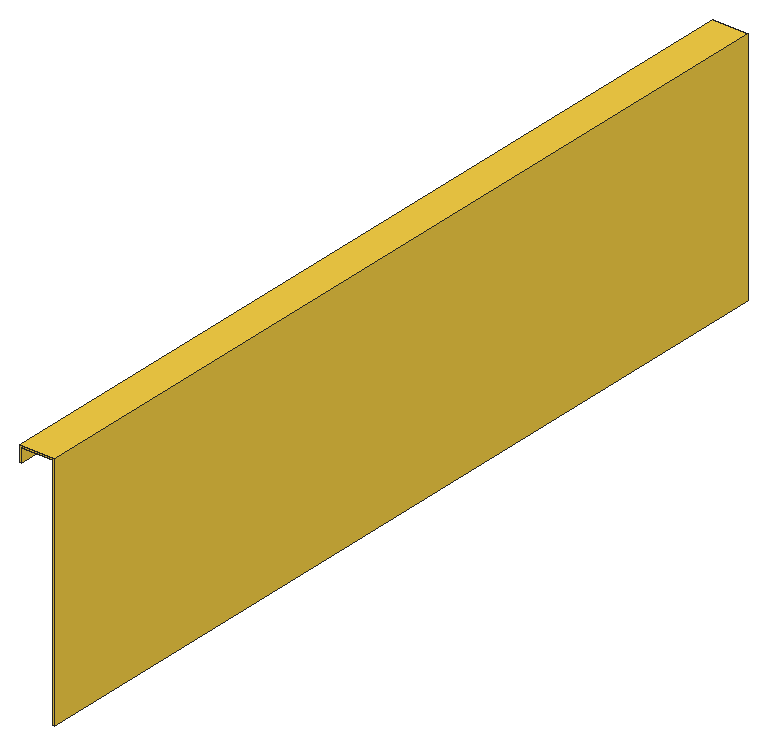
Revit family "EHL_FILLER STOPEND 0,3_1860709", category Generic Models, Revit 2018
Family settings
  Can host rebar = No
  Round Connector Dimension = Use Diameter
  Part Type = Normal
  OmniClass Number = 35.51.14.00
  OmniClass Title = FORMWORK
  Work Plane-Based = Yes
  Always vertical = No
  Cut with Voids When Loaded = No
  Shared = Yes
  Room Calculation Point = No
Parameters (values of type "EHL_FILLER STOPEND 0,3_1860709")
  VERSION = "20190101"  # constant formula
  URL = "www.ulmaconstruction.com/en"
  UNICLASS = ""
  Manufacturer = "ULMA CONSTRUCTION"  # constant formula
  ITEM_CODE = "1860709"
  FILTER [instance] = ""
  Default Elevation = 0.000 mm
  CLASSIFICATION_TITLE = ""
  CLASSIFICATION_NUMBER = ""
Reference planes
  plane 1 "Centro (Frontal/Posterior)": y = 0
  plane 2: z = 0
  plane 3 "Centro (Izquierda/Derecha)": x = 0
  plane 4 "STOPEND LENGTH": y = -1100
  plane 5 "STOPEND HEIGHT": z = 300
Forms (mm)
  Extrusion 1, solid, material "ULMA YELLOW"
    sketch origin (0, 0, 0) x (1, 0, 0) y (0, 0, 1)
      loop
        line (-39, 284) -> (-39, 301) -> (0, 301) -> (0, 0) -> (3, 0) -> (3, 304) -> (-42, 304) -> (-42, 284) -> (-39, 284)
    from 0 to 1100
  Extrusion 2, solid, material "ULMA YELLOW", detail levels fine
    sketch origin (2.5, 0, 0) x (1, 0, 0) y (0, 1, 0)
      loop
        line (-4, -532.5) -> (-4, -542.5) -> (-37.502, -542.5) -> (-37.502, -557.5) -> (-4, -557.5) -> (-4, -567.5) -> (-2.5, -567.5) -> (-2.5, -532.5) -> (-4, -532.5)
    from 5 to 296
  Extrusion 3, solid, material "ULMA ZINC", detail levels fine
    sketch origin (2.5, 1453.5, 0) x (1, 0, 0) y (0, 1, 0)
      loop
        line (-13.5, -1968.457) -> (-22, -1963.55) -> (-30.5, -1968.457) -> (-30.5, -1977.543) -> (-22, -1982.45) -> (-13.5, -1977.543) -> (-13.5, -1968.457)
    from 189.004 to 196.004
  Extrusion 4, solid, material "ULMA ZINC", detail levels fine
    sketch origin (2.5, 1453.5, 56) x (1, 0, 0) y (0, 1, 0)
      loop
        line (-13.5, -1968.457) -> (-22, -1963.55) -> (-30.5, -1968.457) -> (-30.5, -1977.543) -> (-22, -1982.45) -> (-13.5, -1977.543) -> (-13.5, -1968.457)
    from 189.004 to 196.004
  Extrusion 5, solid, material "ULMA YELLOW", detail levels fine
    sketch origin (2.5, 1453.5, 0) x (1, 0, 0) y (0, 0, 1)
      loop
        line (-324, 5.992) -> (-324, 0) -> (-259, 0) -> (-259, 5.992) -> (-324, 5.992)
    from 1958 to 1988
  Extrusion 6, solid, material "ULMA YELLOW", detail levels fine
    sketch origin (2.5, 1453.5, 0) x (1, 0, 0) y (0, 0, 1)
      loop
        line (-62, 238.347) -> (-294.355, 5.992) -> (-259.008, 5.992) -> (-62, 203) -> (-62, 238.347)
    from 1960.5 to 1985.5
  Extrusion 7, solid, material "ULMA ZINC", detail levels fine
    sketch origin (2.5, 1453.5, 0) x (1, 0, 0) y (0, 0, 1)
      loop
        line (-12, 200.504) -> (-12, 240.504) -> (-32, 240.504) -> (-32, 230.504) -> (-42, 230.504)
        arc (-42, 230.504) -> (-51.998, 220.696) -> (-42.4, 210.504) r 10
        line (-42.4, 210.504) -> (-32, 210.504) -> (-32, 200.504) -> (-12, 200.504)
    from 1983 to 1963
  Extrusion 8, solid, material "ULMA YELLOW", detail levels fine
    sketch origin (2.5, 1453.5, 0) x (1, 0, 0) y (0, 1, 0)
      loop
        line (-30, -1962) -> (-30, -1958) -> (-55, -1958)
        arc (-55, -1958) -> (-59.95, -1960.05) -> (-62, -1965) r 7
        line (-62, -1965) -> (-62, -1981)
        arc (-62, -1981) -> (-59.95, -1985.95) -> (-55, -1988) r 7
        line (-55, -1988) -> (-30, -1988) -> (-30, -1984) -> (-55, -1984)
        arc (-55, -1984) -> (-57.121, -1983.121) -> (-58, -1981) r 3
        line (-58, -1981) -> (-58, -1965)
        arc (-58, -1965) -> (-57.121, -1962.879) -> (-55, -1962) r 3
        line (-55, -1962) -> (-30, -1962)
    from 203 to 238
  Extrusion 9, solid, material "ULMA ZINC", detail levels fine
    sketch origin (2.5, 1453.5, 0) x (1, 0, 0) y (0, 0, 1)
      loop
        circle (-42, 220.504) r 7
    from 1956 to 1990
  Extrusion 10, solid, material "ULMA YELLOW", detail levels fine
    sketch origin (2.5, 1453.5, 0) x (0, 1, 0) y (0, 0, 1)
      loop
        line (-1996, 245.004) -> (-1996, 196.004) -> (-1961, 196.004) -> (-1961, 200.004) -> (-1992, 200.004) -> (-1992, 241.004) -> (-1961, 241.004) -> (-1961, 245.004) -> (-1996, 245.004)
    from -34.5 to -9.5
  Extrusion 11, solid, material "ULMA YELLOW", detail levels coarse+medium
    sketch origin (2.5, 1453.5, 0) x (1, 0, 0) y (0, 0, 1)
      loop
        line (-62.347, 238) -> (-300.347, 0) -> (-265, 0) -> (-62, 203) -> (-2.5, 203) -> (-2.5, 238) -> (-62.347, 238)
    from 1960.5 to 1985.5
Dimensions and locks
  locked: plane 4 "STOPEND LENGTH" to plane 1 "Centro (Frontal/Posterior)" at 1100
  locked: plane 5 "STOPEND HEIGHT" to plane 2 at 300
  Extrusion 2 sketch curve to Extrusion 2 sketch curve to Extrusion 2 sketch curve to Extrusion 2 sketch curve = 10.000 mm locked, 15.000 mm locked, 10.000 mm locked
  Extrusion 2 sketch curve to Extrusion 2 sketch curve = 15.000 mm
  locked: Extrusion 1 sketch curve to Extrusion 1 sketch curve at 20
  Extrusion 1 sketch curve to Extrusion 1 sketch curve to plane 5 "STOPEND HEIGHT" = 3.000 mm locked, 1.000 mm locked
  locked: Extrusion 1 to Extrusion 2 at 5
  locked: Extrusion 2 to plane 2 at 5
  plane 1 "Centro (Frontal/Posterior)" to plane 4 "STOPEND LENGTH" = 1100.000 mm
  aligned and locked: level to plane 2
  aligned and locked: Extrusion 1 to plane 1 "Centro (Frontal/Posterior)"
  aligned and locked: Extrusion 1 to plane 4 "STOPEND LENGTH"
